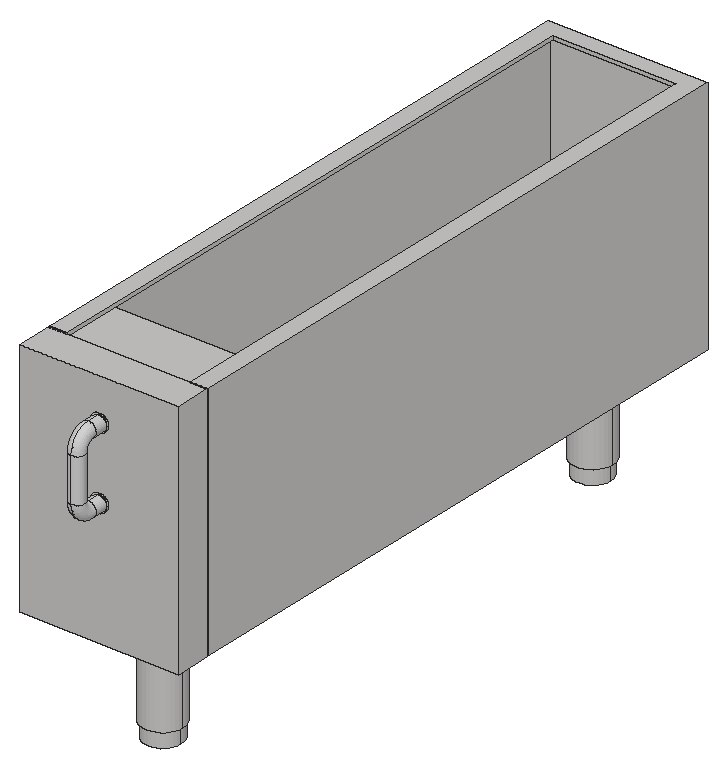
Revit family "QF_ELECTROLUXPROFESSIONAL_391152_E9BANB00OE", category Specialty Equipment, Revit 2018
Family settings
  Round Connector Dimension = Use Diameter
  Part Type = Normal
  Work Plane-Based = No
  Always vertical = Yes
  Cut with Voids When Loaded = No
  Shared = No
  Room Calculation Point = No
Parameters
  Width = 199 mm  # constant formula
  Weight in Pounds = 14
  URL Cutsheet = "www.electrolux.com"
  URL = "www.electrolux.com"
  Type Mark [instance] = ""
  Status [instance] = ""
  Specification by User [instance] = ""
  Specification by Manufacturer = ""
  Show Clearance [instance] = yes
  Serial Number = ""
  Seismic Rating = ""
  SMACNA No = ""
  Revision Code [instance] = ""
  Omniclass Number and Title = ""
  NAFEM Spec ID Number = ""
  Model = "391152"
  Masterspec = ""
  Manufacturer = "ELECTROLUX"
  Item Number [instance] = ""
  Installed By [instance] = ""
  Identify Quantity as Lot [instance] = yes
  Height = 450 mm  # constant formula
  Furnished By [instance] = ""
  Foodservice Equipment Identifier [instance] = yes
  Direct Waste Size = 0"
  Description = "900XP BASE CUPBOARD 200 MM WITH DRAWER FOR BOTTLES"
  Depth = 830 mm  # constant formula
  CSI MasterFormat = ""
  CSI Master Format = ""
Reference planes
  plane 1 "BACK": y = 0
  plane 2: z = 0
  plane 3 "LEFT": x = 0
  plane 4 "RIGHT": x = 199
  plane 5 "FRONT": y = -830
  plane 6 "TOP": z = 450
  plane 7 "Center Y": x = 99.5
  plane 8 "Center X": y = -415
  plane 9 "Base Height": z = 149
  plane 10: y = -56
  plane 11: y = -785
  plane 12: y = -1453
  plane 13: y = -643.59
  plane 14: y = -730
  plane 15: y = -873
Forms (mm)
  Extrusion 1, solid, material "QF_Door-Drawer Clearances", visible <- "Show Clearance", detail levels coarse
    sketch origin (0, 0, 149) x (-1, 0, 0) y (0, -1, 0)
      loop
        line (0, 830) -> (0, 1453) -> (-199, 1453) -> (-199, 830) -> (0, 830)
    from 0 to 301
  Extrusion 2, solid, material "QF_Finishes_Stainless Steel"
    sketch origin (-975.299, -4572, 450) x (-1, 0, 0) y (0, -1, 0)
      loop
        line (-975.299, -4572) -> (-975.299, -3788.587) -> (-997.299, -3788.587) -> (-997.299, -4550) -> (-1152.299, -4550) -> (-1152.299, -3788.587) -> (-1174.299, -3788.587) -> (-1174.299, -4572) -> (-975.299, -4572)
    from 0 to -4.006
  Extrusion 3, solid, material "QF_Finishes_Stainless Steel"
    sketch origin (0, -830, 0) x (1, 0, 0) y (0, 0, 1)
      loop
        line (0, 450) -> (0, 149) -> (22, 149) -> (22, 450) -> (0, 450)
      loop
        line (199, 149) -> (199, 450) -> (177, 450) -> (177, 149) -> (199, 149)
    from -45 to -46.587
  Extrusion 4, solid, material "QF_Finishes_Stainless Steel"
    sketch origin (0, -231, 0) x (0, 1, 0) y (0, 0, 1)
      loop
        line (-554, 450) -> (-554, 149) -> (231, 149) -> (231, 450) -> (-554, 450)
    from 0 to 1.59
  Extrusion 5, solid, material "QF_Finishes_Stainless Steel"
    sketch origin (199, -231, 450) x (0, -1, 0) y (0, 0, -1)
      loop
        line (552.413, 4.006) -> (552.413, 301) -> (-231, 301) -> (-231, 4.006) -> (552.413, 4.006)
    from 0 to -1.59
  Extrusion 6, solid, material "QF_Finishes_Stainless Steel"
    sketch origin (199, 0, -303.418) x (0, 0, -1) y (-1, 0, 0)
      loop
        line (-452.418, 0) -> (-452.418, 199) -> (-753.418, 199) -> (-753.418, 0) -> (-452.418, 0)
    from 0 to -1.6
  Extrusion 7, solid, material "QF_Finishes_Stainless Steel"
    sketch origin (0, -231, 150) x (-1, 0, 0) y (0, -1, 0)
      loop
        line (-1.59, -231) -> (-1.59, 552.413) -> (-197.41, 552.413) -> (-197.41, -231) -> (-1.59, -231)
      loop
        circle (-153.751, 426.185) r 12.7
    from -1 to 45
  Extrusion 8, solid, material "QF_Finishes_Stainless Steel"
    sketch origin (0, -231, 0) x (0, 1, 0) y (0, 0, 1)
      loop
        line (-552.413, 445.994) -> (-552.413, 402.819) -> (-550.823, 402.819) -> (-550.823, 444.404) -> (-477.413, 444.404) -> (-477.413, 445.994) -> (-552.413, 445.994)
    from 1.59 to 197.41
  Extrusion 9, solid, material "QF_Finishes_Stainless Steel"
    sketch origin (0, -231, 150) x (-1, 0, 0) y (0, -1, 0)
      loop
        circle (-153.751, 426.185) r 12.7
    from -1.075 to 43.642
  Extrusion 10, solid, material "QF_Finishes_Black"
    sketch origin (0, -783.413, 402.819) x (0, 0, 1) y (-1, 0, 0)
      loop
        circle (20.291, -59.72) r 1.5
      loop
        circle (20.291, -139.28) r 1.5
    from 0 to 1.59
  Revolve 11, solid, material "QF_Finishes_Stainless Steel"
    sketch origin (44.5, -730, 0) x (1, 0, 0) y (0, 0, 1)
      loop
        line (55, 0) -> (55, 149) -> (29.6, 149) -> (29.6, 19.05) -> (32.1, 19.05) -> (32.1, 0) -> (55, 0)
      axis (55, 0) -> (55, 149)
    angle from 0 to 360
  Revolve 12, solid, material "QF_Finishes_Stainless Steel"
    sketch origin (44.5, -56, 0) x (1, 0, 0) y (0, 0, -1)
      loop
        line (55, 0) -> (32.1, 0) -> (32.1, -19.05) -> (29.6, -19.05) -> (29.6, -149) -> (55, -149) -> (55, 0)
      axis (55, 0) -> (55, -149)
    angle from 0 to 360
  Extrusion 13, solid, material "QF_Finishes_Stainless Steel"
    sketch origin (0, -231, 150) x (-1, 0, 0) y (0, -1, 0)
      loop
        line (0, 554) -> (0, 599) -> (-199, 599) -> (-199, 554) -> (0, 554)
    from -1 to 300
  Sweep 14, solid, material "QF_Finishes_Handrails and Railings"
    path origin (200, -231, -150) x (0, 1, 0) y (0, 0, 1)
      loop
        line (-599, 457.5) -> (-616.635, 457.5)
        arc (-616.635, 457.5) -> (-629.038, 462.637) -> (-634.175, 475.04) r 17.54
        line (-634.175, 475.04) -> (-634.175, 529.961)
        arc (-634.175, 529.961) -> (-629.038, 542.363) -> (-616.636, 547.5) r 17.539
        line (-616.636, 547.5) -> (-599, 547.5)
    profile origin (200, -838.818, 307.5) x (0, 0, -1) y (1, 0, 0)
      loop
        circle (0, -100) r 9.415
  Extrusion 15, solid, material "QF_Finishes_Handrails and Railings"
    sketch origin (200, -830, 150) x (-1, 0, 0) y (0, 0, -1)
      loop
        circle (100, -157.5) r 10.805
      loop
        circle (100, -247.5) r 10.805
    from 0 to 1.59
Cuts and joins
  joined: Extrusion 2, Extrusion 4, Extrusion 5, Extrusion 6, Extrusion 7
Lines and regions (mm)
  symbolic lines, style "QF_Door-Drawer Clearances"
    curve 1: line (0, -830, 149) -> (0, -1453, 149)
    curve 2: line (0, -1453, 149) -> (199, -1453, 149)
    curve 3: line (199, -1453, 149) -> (199, -830, 149)
  symbolic lines, style "QF_Undercounter Details"
    curve 4: line (0, 0, 150) -> (199, 0, 150)
    curve 5: line (0, -830, 150) -> (0, 0, 150)
    curve 6: line (199, -785, 150) -> (0, -785, 150)
    curve 7: line (199, 0, 150) -> (199, -830, 150)
    curve 8: line (177, -785, 150) -> (177, -22, 150)
    curve 9: line (177, -22, 150) -> (22, -22, 150)
    curve 10: line (22, -22, 150) -> (22, -785, 150)
    curve 11: line (22, -22, 150) -> (0, 0, 150)
    curve 12: line (177, -22, 150) -> (199, 0, 150)
    curve 13: line (199, -830, 150) -> (0, -830, 150)
    curve 14: line (90.585, -830, 150) -> (90.585, -865.221, 150)
    curve 15: line (109.415, -830, 150) -> (109.415, -865.221, 150)
    curve 16: arc (90.585, -865.221, 150) -> (100, -874.636, 150) -> (109.415, -865.221, 150) r 9.415
    curve 17: line (22, -708.413, 149) -> (177, -708.413, 149)
Dimensions and locks
  equal spacing: plane 3 "LEFT", plane 7 "Center Y", plane 4 "RIGHT"
  "Width": plane 3 "LEFT" to plane 4 "RIGHT"
  equal spacing: plane 5 "FRONT", plane 8 "Center X", plane 1 "BACK"
  "Depth": plane 5 "FRONT" to plane 1 "BACK"
  "Height": plane 6 "TOP" to level
  plane 9 "Base Height" to level = 149 mm
  plane 5 "FRONT" to plane 11 to plane 1 "BACK" = 45 mm, 785 mm
  plane 1 "BACK" to plane 12 = 1453 mm
  plane 14 to plane 10 to plane 1 "BACK" = 674 mm, 56 mm
  Extrusion 13 to plane 14 = 100 mm
  plane 12 to plane 1 "BACK" = 1453 mm
  plane 15 to plane 5 "FRONT" = 43 mm
  aligned and locked: level to plane 2
Automatic sketch dimensions
  Extrusion 1 sketch curve to plane 4 "RIGHT" = 0 mm
  Extrusion 1 sketch curve to plane 3 "LEFT" = 0 mm
  plane 5 "FRONT" to Extrusion 1 sketch curve = 0 mm
  plane 12 to Extrusion 1 sketch curve = 0 mm
  plane 1 "BACK" to curve 4 = 0 mm
  plane 3 "LEFT" to curve 4 = 0 mm
  plane 3 "LEFT" to curve 9 = 22 mm
  curve 14 to plane 7 "Center Y" = 8.915 mm
  plane 7 "Center Y" to curve 16 = 0.5 mm
  curve 9 to plane 4 "RIGHT" = 22 mm
  plane 4 "RIGHT" to curve 12 = 0 mm
  plane 1 "BACK" to curve 9 = 22 mm
  curve 7 to plane 13 = 186.41 mm
  curve 14 to plane 13 = 221.631 mm
  plane 1 "BACK" to Extrusion 4 sketch curve = 0 mm
  Extrusion 4 sketch curve to plane 13 = 141.41 mm
  plane 9 "Base Height" to Extrusion 4 sketch curve = 0 mm
  plane 6 "TOP" to Extrusion 4 sketch curve = 0 mm
  Extrusion 7 sketch curve to Extrusion 7 sketch curve = 0 mm  (x2)
  Extrusion 7 sketch curve to plane 4 "RIGHT" = 1.59 mm
  Extrusion 7 sketch curve to plane 4 "RIGHT" = 32.549 mm
  Extrusion 7 sketch curve to Extrusion 7 sketch curve = 12.7 mm
  plane 3 "LEFT" to Extrusion 7 sketch curve = 1.59 mm
  plane 1 "BACK" to Extrusion 7 sketch curve = 0 mm
  Extrusion 7 sketch curve to plane 8 "Center X" = 242.185 mm
  Extrusion 7 sketch curve to plane 13 = 139.823 mm
  Extrusion 8 sketch curve to plane 13 = 139.823 mm
  Extrusion 8 sketch curve to Extrusion 8 sketch curve = 1.59 mm  (x2)
  Extrusion 8 sketch curve to plane 8 "Center X" = 293.413 mm
  Extrusion 8 sketch curve to plane 6 "TOP" = 47.181 mm
  Extrusion 8 sketch curve to Extrusion 8 sketch curve = 41.585 mm
  Extrusion 9 sketch curve to plane 8 "Center X" = 242.185 mm
  Extrusion 9 sketch curve to plane 4 "RIGHT" = 45.249 mm
  Extrusion 10 sketch curve to Extrusion 8 = 20.291 mm  (x2)
  Extrusion 8 to Extrusion 10 sketch curve = 58.13 mm  (x2)
  Revolve 11 sketch curve to level = 0 mm
  Revolve 11 sketch curve to plane 7 "Center Y" = 0 mm  (x2)
  Revolve 11 sketch curve to Revolve 11 sketch curve = 22.9 mm
  Revolve 11 sketch curve to Revolve 11 sketch curve = 2.5 mm
  level to Revolve 11 sketch curve = 19.05 mm
  plane 9 "Base Height" to Revolve 11 sketch curve = 0 mm
  Revolve 11 sketch curve to Revolve 11 sketch curve = 2 mm
  Revolve 11 sketch curve to Revolve 11 sketch curve = 20 mm
  Revolve 12 sketch curve to level = 0 mm
  Revolve 12 sketch curve to plane 7 "Center Y" = 0 mm  (x2)
  Revolve 12 sketch curve to Revolve 12 sketch curve = 22.9 mm
  Revolve 12 sketch curve to Revolve 12 sketch curve = 2.5 mm
  level to Revolve 12 sketch curve = 19.05 mm
  plane 9 "Base Height" to Revolve 12 sketch curve = 0 mm
  Revolve 12 sketch curve to Revolve 12 sketch curve = 2 mm
  Revolve 12 sketch curve to Revolve 12 sketch curve = 20 mm
  Extrusion 13 sketch curve to plane 3 "LEFT" = 0 mm
  plane 4 "RIGHT" to Extrusion 13 sketch curve = 0 mm
  Extrusion 13 sketch curve to plane 13 = 141.41 mm
  Extrusion 13 sketch curve to plane 13 = 186.41 mm
  Sweep 14 sketch curve to plane 13 = 221.585 mm
  Sweep 14 sketch curve to Sweep 14 sketch curve = 17.539 mm
  Sweep 14 sketch curve to plane 6 "TOP" = 142.5 mm
  Sweep 14 sketch curve to Sweep 14 sketch curve = 17.54 mm
  Sweep 14 sketch curve to Sweep 14 sketch curve = 17.635 mm
  Sweep 14 sketch curve to Sweep 14 sketch curve = 17.636 mm
  Sweep 14 sketch curve to Sweep 14 sketch curve = 54.921 mm
  Sweep 14 sketch curve to profile plane = 0 mm
  Sweep 14 sketch curve to profile plane = 100 mm
  Extrusion 13 to Extrusion 15 sketch curve = 100 mm
  Extrusion 15 sketch curve to Extrusion 15 sketch curve = 0 mm
  Extrusion 13 to Extrusion 15 sketch curve = 52.5 mm
  Extrusion 15 sketch curve to Extrusion 15 sketch curve = 90 mm
  Extrusion 5 sketch curve to Extrusion 2 = 0 mm  (x2)
  Extrusion 2 to Extrusion 5 sketch curve = 0 mm
  Extrusion 5 sketch curve to Extrusion 2 = 296.994 mm
  Extrusion 5 to Extrusion 6 sketch curve = 199 mm
  Extrusion 5 to Extrusion 6 sketch curve = 1.59 mm
  Extrusion 3 sketch curve to plane 3 "LEFT" = 0 mm
  Extrusion 3 sketch curve to plane 9 "Base Height" = 0 mm  (x2)
  Extrusion 3 sketch curve to plane 4 "RIGHT" = 0 mm
  plane 3 "LEFT" to Extrusion 3 sketch curve = 22 mm
  Extrusion 3 sketch curve to plane 4 "RIGHT" = 22 mm
  plane 6 "TOP" to Extrusion 3 sketch curve = 0 mm  (x2)
  plane 1 "BACK" to Extrusion 2 sketch curve = 0 mm
  Extrusion 2 sketch curve to plane 4 "RIGHT" = 0 mm
  Extrusion 2 sketch curve to plane 11 = 1.587 mm  (x2)
  Extrusion 2 sketch curve to plane 3 "LEFT" = 0 mm
  Extrusion 2 sketch curve to Extrusion 2 sketch curve = 22 mm
  plane 3 "LEFT" to Extrusion 2 sketch curve = 22 mm
  plane 1 "BACK" to Extrusion 2 sketch curve = 22 mm
  Extrusion 6 sketch curve to Extrusion 6 sketch curve = 301 mm
  Extrusion 5 to Extrusion 6 sketch curve = 301 mm
  curve 3 to plane 4 "RIGHT" = 0 mm
  curve 2 to plane 3 "LEFT" = 0 mm
  plane 5 "FRONT" to curve 3 = 0 mm
  plane 5 "FRONT" to curve 1 = 0 mm
  plane 12 to curve 3 = 0 mm
  curve 17 to plane 4 "RIGHT" = 22 mm
  plane 3 "LEFT" to curve 17 = 22 mm
  curve 17 to plane 14 = 21.587 mm
  plane 11 to curve 6 = 0 mm
  radius of Extrusion 9 sketch curve = 12.7 mm
  radius of Extrusion 10 sketch curve = 1.5 mm  (x2)
  radius of Sweep 14 sketch curve = 9.415 mm
  radius of Extrusion 15 sketch curve = 10.805 mm  (x2)
